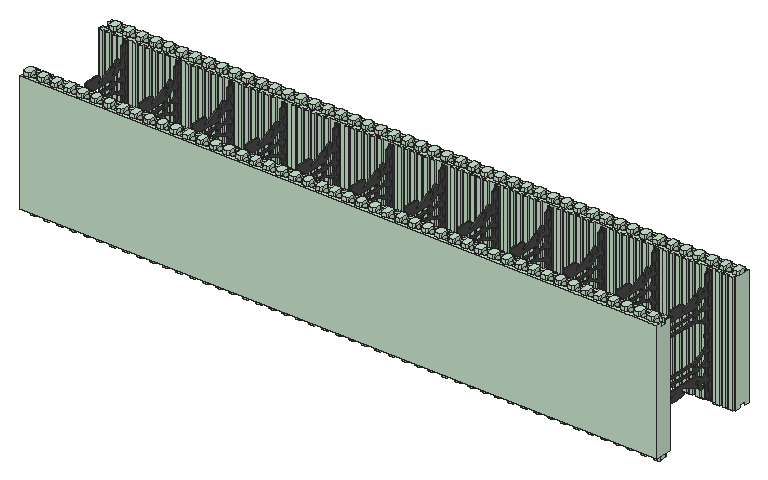
Revit family (continued)
Forms (in)
  Extrusion 100, void
    sketch origin (6, -3, 0) x (-1, 0, 0) y (0, -1, 0)
      loop
        arc (1.91675, 3.76455) -> (1.92106, 3.78736) -> (1.9334, 3.80702) r 0.0625
        arc (1.9334, 3.80702) -> (1.98276, 3.88568) -> (2, 3.97692) r 0.25
        line (2, 3.97692) -> (2, 4.89808)
        arc (2, 4.89808) -> (1.95215, 5.04517) -> (1.82692, 5.13595) r 0.25
        arc (1.82692, 5.13595) -> (1.5, 5.1875) -> (1.17308, 5.13595) r 1.0625
        arc (1.17308, 5.13595) -> (1.04785, 5.04517) -> (1, 4.89808) r 0.25
    from 0 to 0.5
  Extrusion 101, void
    sketch origin (8, -3, 0) x (-1, 0, 0) y (0, -1, 0)
      loop
        line (1, 4.89808) -> (1, 3.97692)
        arc (1, 3.97692) -> (1.04785, 3.82983) -> (1.17308, 3.73905) r 0.25
        arc (1.17308, 3.73905) -> (1.42092, 3.69045) -> (1.67323, 3.70172) r 1.0625
        arc (1.67323, 3.70172) -> (1.72385, 3.68771) -> (1.74592, 3.64005) r 0.0625
        line (1.74592, 3.64005) -> (1.74592, 3.41845) -> (1.91675, 3.41845) -> (1.91675, 3.76455)
        arc (1.91675, 3.76455) -> (1.92106, 3.78736) -> (1.9334, 3.80702) r 0.0625
        arc (1.9334, 3.80702) -> (1.98276, 3.88568) -> (2, 3.97692) r 0.25
        line (2, 3.97692) -> (2, 4.89808)
        arc (2, 4.89808) -> (1.95215, 5.04517) -> (1.82692, 5.13595) r 0.25
        arc (1.82692, 5.13595) -> (1.5, 5.1875) -> (1.17308, 5.13595) r 1.0625
        arc (1.17308, 5.13595) -> (1.04785, 5.04517) -> (1, 4.89808) r 0.25
    from 0 to 0.5
  Extrusion 102, void
    sketch origin (10, -3, 0) x (-1, 0, 0) y (0, -1, 0)
      loop
        line (1, 4.89808) -> (1, 3.97692)
        arc (1, 3.97692) -> (1.04785, 3.82983) -> (1.17308, 3.73905) r 0.25
        arc (1.17308, 3.73905) -> (1.42092, 3.69045) -> (1.67323, 3.70172) r 1.0625
        arc (1.67323, 3.70172) -> (1.72385, 3.68771) -> (1.74592, 3.64005) r 0.0625
        line (1.74592, 3.64005) -> (1.74592, 3.41845) -> (1.91675, 3.41845) -> (1.91675, 3.76455)
        arc (1.91675, 3.76455) -> (1.92106, 3.78736) -> (1.9334, 3.80702) r 0.0625
        arc (1.9334, 3.80702) -> (1.98276, 3.88568) -> (2, 3.97692) r 0.25
        line (2, 3.97692) -> (2, 4.89808)
        arc (2, 4.89808) -> (1.95215, 5.04517) -> (1.82692, 5.13595) r 0.25
        arc (1.82692, 5.13595) -> (1.5, 5.1875) -> (1.17308, 5.13595) r 1.0625
        arc (1.17308, 5.13595) -> (1.04785, 5.04517) -> (1, 4.89808) r 0.25
    from 0 to 0.5
  Extrusion 103, void
    sketch origin (12, -3, 0) x (-1, 0, 0) y (0, -1, 0)
      loop
        line (1, 4.89808) -> (1, 3.97692)
        arc (1, 3.97692) -> (1.04785, 3.82983) -> (1.17308, 3.73905) r 0.25
        arc (1.17308, 3.73905) -> (1.42092, 3.69045) -> (1.67323, 3.70172) r 1.0625
        arc (1.67323, 3.70172) -> (1.72385, 3.68771) -> (1.74592, 3.64005) r 0.0625
        line (1.74592, 3.64005) -> (1.74592, 3.41845) -> (1.91675, 3.41845) -> (1.91675, 3.76455)
        arc (1.91675, 3.76455) -> (1.92106, 3.78736) -> (1.9334, 3.80702) r 0.0625
        arc (1.9334, 3.80702) -> (1.98276, 3.88568) -> (2, 3.97692) r 0.25
        line (2, 3.97692) -> (2, 4.89808)
        arc (2, 4.89808) -> (1.95215, 5.04517) -> (1.82692, 5.13595) r 0.25
        arc (1.82692, 5.13595) -> (1.5, 5.1875) -> (1.17308, 5.13595) r 1.0625
        arc (1.17308, 5.13595) -> (1.04785, 5.04517) -> (1, 4.89808) r 0.25
    from 0 to 0.5
  Extrusion 104, void
    sketch origin (14, -3, 0) x (-1, 0, 0) y (0, -1, 0)
      loop
        line (1, 4.89808) -> (1, 3.97692)
        arc (1, 3.97692) -> (1.04785, 3.82983) -> (1.17308, 3.73905) r 0.25
        arc (1.17308, 3.73905) -> (1.42092, 3.69045) -> (1.67323, 3.70172) r 1.0625
        arc (1.67323, 3.70172) -> (1.72385, 3.68771) -> (1.74592, 3.64005) r 0.0625
        line (1.74592, 3.64005) -> (1.74592, 3.41845) -> (1.91675, 3.41845) -> (1.91675, 3.76455)
        arc (1.91675, 3.76455) -> (1.92106, 3.78736) -> (1.9334, 3.80702) r 0.0625
        arc (1.9334, 3.80702) -> (1.98276, 3.88568) -> (2, 3.97692) r 0.25
        line (2, 3.97692) -> (2, 4.89808)
        arc (2, 4.89808) -> (1.95215, 5.04517) -> (1.82692, 5.13595) r 0.25
        arc (1.82692, 5.13595) -> (1.5, 5.1875) -> (1.17308, 5.13595) r 1.0625
        arc (1.17308, 5.13595) -> (1.04785, 5.04517) -> (1, 4.89808) r 0.25
    from 0 to 0.5
  Extrusion 105, void
    sketch origin (16, -3, 0) x (-1, 0, 0) y (0, -1, 0)
      loop
        line (1, 4.89808) -> (1, 3.97692)
        arc (1, 3.97692) -> (1.04785, 3.82983) -> (1.17308, 3.73905) r 0.25
        arc (1.17308, 3.73905) -> (1.42092, 3.69045) -> (1.67323, 3.70172) r 1.0625
        arc (1.67323, 3.70172) -> (1.72385, 3.68771) -> (1.74592, 3.64005) r 0.0625
        line (1.74592, 3.64005) -> (1.74592, 3.41845) -> (1.91675, 3.41845) -> (1.91675, 3.76455)
        arc (1.91675, 3.76455) -> (1.92106, 3.78736) -> (1.9334, 3.80702) r 0.0625
        arc (1.9334, 3.80702) -> (1.98276, 3.88568) -> (2, 3.97692) r 0.25
        line (2, 3.97692) -> (2, 4.89808)
        arc (2, 4.89808) -> (1.95215, 5.04517) -> (1.82692, 5.13595) r 0.25
        arc (1.82692, 5.13595) -> (1.5, 5.1875) -> (1.17308, 5.13595) r 1.0625
        arc (1.17308, 5.13595) -> (1.04785, 5.04517) -> (1, 4.89808) r 0.25
    from 0 to 0.5
  Extrusion 106, void
    sketch origin (18, -3, 0) x (-1, 0, 0) y (0, -1, 0)
      loop
        line (1, 4.89808) -> (1, 3.97692)
        arc (1, 3.97692) -> (1.04785, 3.82983) -> (1.17308, 3.73905) r 0.25
        arc (1.17308, 3.73905) -> (1.42092, 3.69045) -> (1.67323, 3.70172) r 1.0625
        arc (1.67323, 3.70172) -> (1.72385, 3.68771) -> (1.74592, 3.64005) r 0.0625
        line (1.74592, 3.64005) -> (1.74592, 3.41845) -> (1.91675, 3.41845) -> (1.91675, 3.76455)
        arc (1.91675, 3.76455) -> (1.92106, 3.78736) -> (1.9334, 3.80702) r 0.0625
        arc (1.9334, 3.80702) -> (1.98276, 3.88568) -> (2, 3.97692) r 0.25
        line (2, 3.97692) -> (2, 4.89808)
        arc (2, 4.89808) -> (1.95215, 5.04517) -> (1.82692, 5.13595) r 0.25
        arc (1.82692, 5.13595) -> (1.5, 5.1875) -> (1.17308, 5.13595) r 1.0625
        arc (1.17308, 5.13595) -> (1.04785, 5.04517) -> (1, 4.89808) r 0.25
    from 0 to 0.5
  Extrusion 107, void
    sketch origin (20, -3, 0) x (-1, 0, 0) y (0, -1, 0)
      loop
        line (1, 4.89808) -> (1, 3.97692)
        arc (1, 3.97692) -> (1.04785, 3.82983) -> (1.17308, 3.73905) r 0.25
        arc (1.17308, 3.73905) -> (1.42092, 3.69045) -> (1.67323, 3.70172) r 1.0625
        arc (1.67323, 3.70172) -> (1.72385, 3.68771) -> (1.74592, 3.64005) r 0.0625
        line (1.74592, 3.64005) -> (1.74592, 3.41845) -> (1.91675, 3.41845) -> (1.91675, 3.76455)
        arc (1.91675, 3.76455) -> (1.92106, 3.78736) -> (1.9334, 3.80702) r 0.0625
        arc (1.9334, 3.80702) -> (1.98276, 3.88568) -> (2, 3.97692) r 0.25
        line (2, 3.97692) -> (2, 4.89808)
        arc (2, 4.89808) -> (1.95215, 5.04517) -> (1.82692, 5.13595) r 0.25
        arc (1.82692, 5.13595) -> (1.5, 5.1875) -> (1.17308, 5.13595) r 1.0625
        arc (1.17308, 5.13595) -> (1.04785, 5.04517) -> (1, 4.89808) r 0.25
    from 0 to 0.5
  Extrusion 108, void
    sketch origin (22, -3, 0) x (-1, 0, 0) y (0, -1, 0)
      loop
        line (1, 4.89808) -> (1, 3.97692)
        arc (1, 3.97692) -> (1.04785, 3.82983) -> (1.17308, 3.73905) r 0.25
        arc (1.17308, 3.73905) -> (1.42092, 3.69045) -> (1.67323, 3.70172) r 1.0625
        arc (1.67323, 3.70172) -> (1.72385, 3.68771) -> (1.74592, 3.64005) r 0.0625
        line (1.74592, 3.64005) -> (1.74592, 3.41845) -> (1.91675, 3.41845) -> (1.91675, 3.76455)
        arc (1.91675, 3.76455) -> (1.92106, 3.78736) -> (1.9334, 3.80702) r 0.0625
        arc (1.9334, 3.80702) -> (1.98276, 3.88568) -> (2, 3.97692) r 0.25
        line (2, 3.97692) -> (2, 4.89808)
        arc (2, 4.89808) -> (1.95215, 5.04517) -> (1.82692, 5.13595) r 0.25
        arc (1.82692, 5.13595) -> (1.5, 5.1875) -> (1.17308, 5.13595) r 1.0625
        arc (1.17308, 5.13595) -> (1.04785, 5.04517) -> (1, 4.89808) r 0.25
    from 0 to 0.5
  Extrusion 109, void
    sketch origin (24, -3, 0) x (-1, 0, 0) y (0, -1, 0)
      loop
        line (1, 4.89808) -> (1, 3.97692)
        arc (1, 3.97692) -> (1.04785, 3.82983) -> (1.17308, 3.73905) r 0.25
        arc (1.17308, 3.73905) -> (1.42092, 3.69045) -> (1.67323, 3.70172) r 1.0625
        arc (1.67323, 3.70172) -> (1.72385, 3.68771) -> (1.74592, 3.64005) r 0.0625
        line (1.74592, 3.64005) -> (1.74592, 3.41845) -> (1.91675, 3.41845) -> (1.91675, 3.76455)
        arc (1.91675, 3.76455) -> (1.92106, 3.78736) -> (1.9334, 3.80702) r 0.0625
        arc (1.9334, 3.80702) -> (1.98276, 3.88568) -> (2, 3.97692) r 0.25
        line (2, 3.97692) -> (2, 4.89808)
        arc (2, 4.89808) -> (1.95215, 5.04517) -> (1.82692, 5.13595) r 0.25
        arc (1.82692, 5.13595) -> (1.5, 5.1875) -> (1.17308, 5.13595) r 1.0625
        arc (1.17308, 5.13595) -> (1.04785, 5.04517) -> (1, 4.89808) r 0.25
    from 0 to 0.5
  Extrusion 110, void
    sketch origin (26, -3, 0) x (-1, 0, 0) y (0, -1, 0)
      loop
        line (1, 4.89808) -> (1, 3.97692)
        arc (1, 3.97692) -> (1.04785, 3.82983) -> (1.17308, 3.73905) r 0.25
        arc (1.17308, 3.73905) -> (1.42092, 3.69045) -> (1.67323, 3.70172) r 1.0625
        arc (1.67323, 3.70172) -> (1.72385, 3.68771) -> (1.74592, 3.64005) r 0.0625
        line (1.74592, 3.64005) -> (1.74592, 3.41845) -> (1.91675, 3.41845) -> (1.91675, 3.76455)
        arc (1.91675, 3.76455) -> (1.92106, 3.78736) -> (1.9334, 3.80702) r 0.0625
        arc (1.9334, 3.80702) -> (1.98276, 3.88568) -> (2, 3.97692) r 0.25
        line (2, 3.97692) -> (2, 4.89808)
        arc (2, 4.89808) -> (1.95215, 5.04517) -> (1.82692, 5.13595) r 0.25
        arc (1.82692, 5.13595) -> (1.5, 5.1875) -> (1.17308, 5.13595) r 1.0625
        arc (1.17308, 5.13595) -> (1.04785, 5.04517) -> (1, 4.89808) r 0.25
    from 0 to 0.5
  Extrusion 111, void
    sketch origin (28, -3, 0) x (-1, 0, 0) y (0, -1, 0)
      loop
        line (1, 4.89808) -> (1, 3.97692)
        arc (1, 3.97692) -> (1.04785, 3.82983) -> (1.17308, 3.73905) r 0.25
        arc (1.17308, 3.73905) -> (1.42092, 3.69045) -> (1.67323, 3.70172) r 1.0625
        arc (1.67323, 3.70172) -> (1.72385, 3.68771) -> (1.74592, 3.64005) r 0.0625
        line (1.74592, 3.64005) -> (1.74592, 3.41845) -> (1.91675, 3.41845) -> (1.91675, 3.76455)
        arc (1.91675, 3.76455) -> (1.92106, 3.78736) -> (1.9334, 3.80702) r 0.0625
        arc (1.9334, 3.80702) -> (1.98276, 3.88568) -> (2, 3.97692) r 0.25
        line (2, 3.97692) -> (2, 4.89808)
        arc (2, 4.89808) -> (1.95215, 5.04517) -> (1.82692, 5.13595) r 0.25
        arc (1.82692, 5.13595) -> (1.5, 5.1875) -> (1.17308, 5.13595) r 1.0625
        arc (1.17308, 5.13595) -> (1.04785, 5.04517) -> (1, 4.89808) r 0.25
    from 0 to 0.5
  Extrusion 112, void
    sketch origin (30, -3, 0) x (-1, 0, 0) y (0, -1, 0)
      loop
        line (1, 4.89808) -> (1, 3.97692)
        arc (1, 3.97692) -> (1.04785, 3.82983) -> (1.17308, 3.73905) r 0.25
        arc (1.17308, 3.73905) -> (1.42092, 3.69045) -> (1.67323, 3.70172) r 1.0625
        arc (1.67323, 3.70172) -> (1.72385, 3.68771) -> (1.74592, 3.64005) r 0.0625
        line (1.74592, 3.64005) -> (1.74592, 3.41845) -> (1.91675, 3.41845) -> (1.91675, 3.76455)
        arc (1.91675, 3.76455) -> (1.92106, 3.78736) -> (1.9334, 3.80702) r 0.0625
        arc (1.9334, 3.80702) -> (1.98276, 3.88568) -> (2, 3.97692) r 0.25
        line (2, 3.97692) -> (2, 4.89808)
        arc (2, 4.89808) -> (1.95215, 5.04517) -> (1.82692, 5.13595) r 0.25
        arc (1.82692, 5.13595) -> (1.5, 5.1875) -> (1.17308, 5.13595) r 1.0625
        arc (1.17308, 5.13595) -> (1.04785, 5.04517) -> (1, 4.89808) r 0.25
    from 0 to 0.5
  Extrusion 113, void
    sketch origin (32, -3, 0) x (-1, 0, 0) y (0, -1, 0)
      loop
        line (1, 4.89808) -> (1, 3.97692)
        arc (1, 3.97692) -> (1.04785, 3.82983) -> (1.17308, 3.73905) r 0.25
        arc (1.17308, 3.73905) -> (1.42092, 3.69045) -> (1.67323, 3.70172) r 1.0625
        arc (1.67323, 3.70172) -> (1.72385, 3.68771) -> (1.74592, 3.64005) r 0.0625
        line (1.74592, 3.64005) -> (1.74592, 3.41845) -> (1.91675, 3.41845) -> (1.91675, 3.76455)
        arc (1.91675, 3.76455) -> (1.92106, 3.78736) -> (1.9334, 3.80702) r 0.0625
        arc (1.9334, 3.80702) -> (1.98276, 3.88568) -> (2, 3.97692) r 0.25
        line (2, 3.97692) -> (2, 4.89808)
        arc (2, 4.89808) -> (1.95215, 5.04517) -> (1.82692, 5.13595) r 0.25
        arc (1.82692, 5.13595) -> (1.5, 5.1875) -> (1.17308, 5.13595) r 1.0625
        arc (1.17308, 5.13595) -> (1.04785, 5.04517) -> (1, 4.89808) r 0.25
    from 0 to 0.5
  Extrusion 114, void
    sketch origin (34, -3, 0) x (-1, 0, 0) y (0, -1, 0)
      loop
        line (1, 4.89808) -> (1, 3.97692)
        arc (1, 3.97692) -> (1.04785, 3.82983) -> (1.17308, 3.73905) r 0.25
        arc (1.17308, 3.73905) -> (1.42092, 3.69045) -> (1.67323, 3.70172) r 1.0625
        arc (1.67323, 3.70172) -> (1.72385, 3.68771) -> (1.74592, 3.64005) r 0.0625
        line (1.74592, 3.64005) -> (1.74592, 3.41845) -> (1.91675, 3.41845) -> (1.91675, 3.76455)
        arc (1.91675, 3.76455) -> (1.92106, 3.78736) -> (1.9334, 3.80702) r 0.0625
        arc (1.9334, 3.80702) -> (1.98276, 3.88568) -> (2, 3.97692) r 0.25
        line (2, 3.97692) -> (2, 4.89808)
        arc (2, 4.89808) -> (1.95215, 5.04517) -> (1.82692, 5.13595) r 0.25
        arc (1.82692, 5.13595) -> (1.5, 5.1875) -> (1.17308, 5.13595) r 1.0625
        arc (1.17308, 5.13595) -> (1.04785, 5.04517) -> (1, 4.89808) r 0.25
    from 0 to 0.5
  Extrusion 115, void
    sketch origin (36, -3, 0) x (-1, 0, 0) y (0, -1, 0)
      loop
        line (1, 4.89808) -> (1, 3.97692)
        arc (1, 3.97692) -> (1.04785, 3.82983) -> (1.17308, 3.73905) r 0.25
        arc (1.17308, 3.73905) -> (1.42092, 3.69045) -> (1.67323, 3.70172) r 1.0625
        arc (1.67323, 3.70172) -> (1.72385, 3.68771) -> (1.74592, 3.64005) r 0.0625
        line (1.74592, 3.64005) -> (1.74592, 3.41845) -> (1.91675, 3.41845) -> (1.91675, 3.76455)
        arc (1.91675, 3.76455) -> (1.92106, 3.78736) -> (1.9334, 3.80702) r 0.0625
        arc (1.9334, 3.80702) -> (1.98276, 3.88568) -> (2, 3.97692) r 0.25
        line (2, 3.97692) -> (2, 4.89808)
        arc (2, 4.89808) -> (1.95215, 5.04517) -> (1.82692, 5.13595) r 0.25
        arc (1.82692, 5.13595) -> (1.5, 5.1875) -> (1.17308, 5.13595) r 1.0625
        arc (1.17308, 5.13595) -> (1.04785, 5.04517) -> (1, 4.89808) r 0.25
    from 0 to 0.5
  Extrusion 116, void
    sketch origin (38, -3, 0) x (-1, 0, 0) y (0, -1, 0)
      loop
        line (1, 4.89808) -> (1, 3.97692)
        arc (1, 3.97692) -> (1.04785, 3.82983) -> (1.17308, 3.73905) r 0.25
        arc (1.17308, 3.73905) -> (1.42092, 3.69045) -> (1.67323, 3.70172) r 1.0625
        arc (1.67323, 3.70172) -> (1.72385, 3.68771) -> (1.74592, 3.64005) r 0.0625
        line (1.74592, 3.64005) -> (1.74592, 3.41845) -> (1.91675, 3.41845) -> (1.91675, 3.76455)
        arc (1.91675, 3.76455) -> (1.92106, 3.78736) -> (1.9334, 3.80702) r 0.0625
        arc (1.9334, 3.80702) -> (1.98276, 3.88568) -> (2, 3.97692) r 0.25
        line (2, 3.97692) -> (2, 4.89808)
        arc (2, 4.89808) -> (1.95215, 5.04517) -> (1.82692, 5.13595) r 0.25
        arc (1.82692, 5.13595) -> (1.5, 5.1875) -> (1.17308, 5.13595) r 1.0625
        arc (1.17308, 5.13595) -> (1.04785, 5.04517) -> (1, 4.89808) r 0.25
    from 0 to 0.5
  Extrusion 117, void
    sketch origin (40, -3, 0) x (-1, 0, 0) y (0, -1, 0)
      loop
        line (1, 4.89808) -> (1, 3.97692)
        arc (1, 3.97692) -> (1.04785, 3.82983) -> (1.17308, 3.73905) r 0.25
        arc (1.17308, 3.73905) -> (1.42092, 3.69045) -> (1.67323, 3.70172) r 1.0625
        arc (1.67323, 3.70172) -> (1.72385, 3.68771) -> (1.74592, 3.64005) r 0.0625
        line (1.74592, 3.64005) -> (1.74592, 3.41845) -> (1.91675, 3.41845) -> (1.91675, 3.76455)
        arc (1.91675, 3.76455) -> (1.92106, 3.78736) -> (1.9334, 3.80702) r 0.0625
        arc (1.9334, 3.80702) -> (1.98276, 3.88568) -> (2, 3.97692) r 0.25
        line (2, 3.97692) -> (2, 4.89808)
        arc (2, 4.89808) -> (1.95215, 5.04517) -> (1.82692, 5.13595) r 0.25
        arc (1.82692, 5.13595) -> (1.5, 5.1875) -> (1.17308, 5.13595) r 1.0625
        arc (1.17308, 5.13595) -> (1.04785, 5.04517) -> (1, 4.89808) r 0.25
    from 0 to 0.5
  Extrusion 118, void
    sketch origin (42, -3, 0) x (-1, 0, 0) y (0, -1, 0)
      loop
        line (1, 4.89808) -> (1, 3.97692)
        arc (1, 3.97692) -> (1.04785, 3.82983) -> (1.17308, 3.73905) r 0.25
        arc (1.17308, 3.73905) -> (1.42092, 3.69045) -> (1.67323, 3.70172) r 1.0625
        arc (1.67323, 3.70172) -> (1.72385, 3.68771) -> (1.74592, 3.64005) r 0.0625
        line (1.74592, 3.64005) -> (1.74592, 3.41845) -> (1.91675, 3.41845) -> (1.91675, 3.76455)
        arc (1.91675, 3.76455) -> (1.92106, 3.78736) -> (1.9334, 3.80702) r 0.0625
        arc (1.9334, 3.80702) -> (1.98276, 3.88568) -> (2, 3.97692) r 0.25
        line (2, 3.97692) -> (2, 4.89808)
        arc (2, 4.89808) -> (1.95215, 5.04517) -> (1.82692, 5.13595) r 0.25
        arc (1.82692, 5.13595) -> (1.5, 5.1875) -> (1.17308, 5.13595) r 1.0625
        arc (1.17308, 5.13595) -> (1.04785, 5.04517) -> (1, 4.89808) r 0.25
    from 0 to 0.5
  Extrusion 119, void
    sketch origin (44, -3, 0) x (-1, 0, 0) y (0, -1, 0)
      loop
        line (1, 4.89808) -> (1, 3.97692)
        arc (1, 3.97692) -> (1.04785, 3.82983) -> (1.17308, 3.73905) r 0.25
        arc (1.17308, 3.73905) -> (1.42092, 3.69045) -> (1.67323, 3.70172) r 1.0625
        arc (1.67323, 3.70172) -> (1.72385, 3.68771) -> (1.74592, 3.64005) r 0.0625
        line (1.74592, 3.64005) -> (1.74592, 3.41845) -> (1.91675, 3.41845) -> (1.91675, 3.76455)
        arc (1.91675, 3.76455) -> (1.92106, 3.78736) -> (1.9334, 3.80702) r 0.0625
        arc (1.9334, 3.80702) -> (1.98276, 3.88568) -> (2, 3.97692) r 0.25
        line (2, 3.97692) -> (2, 4.89808)
        arc (2, 4.89808) -> (1.95215, 5.04517) -> (1.82692, 5.13595) r 0.25
        arc (1.82692, 5.13595) -> (1.5, 5.1875) -> (1.17308, 5.13595) r 1.0625
        arc (1.17308, 5.13595) -> (1.04785, 5.04517) -> (1, 4.89808) r 0.25
    from 0 to 0.5
  Extrusion 120, void
    sketch origin (46, -3, 0) x (-1, 0, 0) y (0, -1, 0)
      loop
        line (1, 4.89808) -> (1, 3.97692)
        arc (1, 3.97692) -> (1.04785, 3.82983) -> (1.17308, 3.73905) r 0.25
        arc (1.17308, 3.73905) -> (1.42092, 3.69045) -> (1.67323, 3.70172) r 1.0625
        arc (1.67323, 3.70172) -> (1.72385, 3.68771) -> (1.74592, 3.64005) r 0.0625
        line (1.74592, 3.64005) -> (1.74592, 3.41845) -> (1.91675, 3.41845) -> (1.91675, 3.76455)
        arc (1.91675, 3.76455) -> (1.92106, 3.78736) -> (1.9334, 3.80702) r 0.0625
        arc (1.9334, 3.80702) -> (1.98276, 3.88568) -> (2, 3.97692) r 0.25
        line (2, 3.97692) -> (2, 4.89808)
        arc (2, 4.89808) -> (1.95215, 5.04517) -> (1.82692, 5.13595) r 0.25
        arc (1.82692, 5.13595) -> (1.5, 5.1875) -> (1.17308, 5.13595) r 1.0625
        arc (1.17308, 5.13595) -> (1.04785, 5.04517) -> (1, 4.89808) r 0.25
    from 0 to 0.5
  Extrusion 121, void
    sketch origin (48, -3, 0) x (-1, 0, 0) y (0, -1, 0)
      loop
        line (1, 4.89808) -> (1, 3.97692)
        arc (1, 3.97692) -> (1.04785, 3.82983) -> (1.17308, 3.73905) r 0.25
        arc (1.17308, 3.73905) -> (1.42092, 3.69045) -> (1.67323, 3.70172) r 1.0625
        arc (1.67323, 3.70172) -> (1.72385, 3.68771) -> (1.74592, 3.64005) r 0.0625
        line (1.74592, 3.64005) -> (1.74592, 3.41845) -> (1.91675, 3.41845) -> (1.91675, 3.76455)
        arc (1.91675, 3.76455) -> (1.92106, 3.78736) -> (1.9334, 3.80702) r 0.0625
        arc (1.9334, 3.80702) -> (1.98276, 3.88568) -> (2, 3.97692) r 0.25
        line (2, 3.97692) -> (2, 4.89808)
        arc (2, 4.89808) -> (1.95215, 5.04517) -> (1.82692, 5.13595) r 0.25
        arc (1.82692, 5.13595) -> (1.5, 5.1875) -> (1.17308, 5.13595) r 1.0625
        arc (1.17308, 5.13595) -> (1.04785, 5.04517) -> (1, 4.89808) r 0.25
    from 0 to 0.5
  Extrusion 122, void
    sketch origin (50, -3, 0) x (-1, 0, 0) y (0, -1, 0)
      loop
        line (1, 4.89808) -> (1, 3.97692)
        arc (1, 3.97692) -> (1.04785, 3.82983) -> (1.17308, 3.73905) r 0.25
        arc (1.17308, 3.73905) -> (1.42092, 3.69045) -> (1.67323, 3.70172) r 1.0625
        arc (1.67323, 3.70172) -> (1.72385, 3.68771) -> (1.74592, 3.64005) r 0.0625
        line (1.74592, 3.64005) -> (1.74592, 3.41845) -> (1.91675, 3.41845) -> (1.91675, 3.76455)
        arc (1.91675, 3.76455) -> (1.92106, 3.78736) -> (1.9334, 3.80702) r 0.0625
        arc (1.9334, 3.80702) -> (1.98276, 3.88568) -> (2, 3.97692) r 0.25
        line (2, 3.97692) -> (2, 4.89808)
        arc (2, 4.89808) -> (1.95215, 5.04517) -> (1.82692, 5.13595) r 0.25
        arc (1.82692, 5.13595) -> (1.5, 5.1875) -> (1.17308, 5.13595) r 1.0625
        arc (1.17308, 5.13595) -> (1.04785, 5.04517) -> (1, 4.89808) r 0.25
    from 0 to 0.5
  Extrusion 123, void
    sketch origin (52, -3, 0) x (-1, 0, 0) y (0, -1, 0)
      loop
        line (1, 4.89808) -> (1, 3.97692)
        arc (1, 3.97692) -> (1.04785, 3.82983) -> (1.17308, 3.73905) r 0.25
        arc (1.17308, 3.73905) -> (1.42092, 3.69045) -> (1.67323, 3.70172) r 1.0625
        arc (1.67323, 3.70172) -> (1.72385, 3.68771) -> (1.74592, 3.64005) r 0.0625
        line (1.74592, 3.64005) -> (1.74592, 3.41845) -> (1.91675, 3.41845) -> (1.91675, 3.76455)
        arc (1.91675, 3.76455) -> (1.92106, 3.78736) -> (1.9334, 3.80702) r 0.0625
        arc (1.9334, 3.80702) -> (1.98276, 3.88568) -> (2, 3.97692) r 0.25
        line (2, 3.97692) -> (2, 4.89808)
        arc (2, 4.89808) -> (1.95215, 5.04517) -> (1.82692, 5.13595) r 0.25
        arc (1.82692, 5.13595) -> (1.5, 5.1875) -> (1.17308, 5.13595) r 1.0625
        arc (1.17308, 5.13595) -> (1.04785, 5.04517) -> (1, 4.89808) r 0.25
    from 0 to 0.5
  Extrusion 124, void
    sketch origin (54, -3, 0) x (-1, 0, 0) y (0, -1, 0)
      loop
        line (1, 4.89808) -> (1, 3.97692)
        arc (1, 3.97692) -> (1.04785, 3.82983) -> (1.17308, 3.73905) r 0.25
        arc (1.17308, 3.73905) -> (1.42092, 3.69045) -> (1.67323, 3.70172) r 1.0625
        arc (1.67323, 3.70172) -> (1.72385, 3.68771) -> (1.74592, 3.64005) r 0.0625
        line (1.74592, 3.64005) -> (1.74592, 3.41845) -> (1.91675, 3.41845) -> (1.91675, 3.76455)
        arc (1.91675, 3.76455) -> (1.92106, 3.78736) -> (1.9334, 3.80702) r 0.0625
        arc (1.9334, 3.80702) -> (1.98276, 3.88568) -> (2, 3.97692) r 0.25
        line (2, 3.97692) -> (2, 4.89808)
        arc (2, 4.89808) -> (1.95215, 5.04517) -> (1.82692, 5.13595) r 0.25
        arc (1.82692, 5.13595) -> (1.5, 5.1875) -> (1.17308, 5.13595) r 1.0625
        arc (1.17308, 5.13595) -> (1.04785, 5.04517) -> (1, 4.89808) r 0.25
    from 0 to 0.5
  Extrusion 125, void
    sketch origin (56, -3, 0) x (-1, 0, 0) y (0, -1, 0)
      loop
        line (1, 4.89808) -> (1, 3.97692)
        arc (1, 3.97692) -> (1.04785, 3.82983) -> (1.17308, 3.73905) r 0.25
        arc (1.17308, 3.73905) -> (1.42092, 3.69045) -> (1.67323, 3.70172) r 1.0625
        arc (1.67323, 3.70172) -> (1.72385, 3.68771) -> (1.74592, 3.64005) r 0.0625
        line (1.74592, 3.64005) -> (1.74592, 3.41845) -> (1.91675, 3.41845) -> (1.91675, 3.76455)
        arc (1.91675, 3.76455) -> (1.92106, 3.78736) -> (1.9334, 3.80702) r 0.0625
        arc (1.9334, 3.80702) -> (1.98276, 3.88568) -> (2, 3.97692) r 0.25
        line (2, 3.97692) -> (2, 4.89808)
        arc (2, 4.89808) -> (1.95215, 5.04517) -> (1.82692, 5.13595) r 0.25
        arc (1.82692, 5.13595) -> (1.5, 5.1875) -> (1.17308, 5.13595) r 1.0625
        arc (1.17308, 5.13595) -> (1.04785, 5.04517) -> (1, 4.89808) r 0.25
    from 0 to 0.5
  Extrusion 126, void
    sketch origin (58, -3, 0) x (-1, 0, 0) y (0, -1, 0)
      loop
        line (1, 4.89808) -> (1, 3.97692)
        arc (1, 3.97692) -> (1.04785, 3.82983) -> (1.17308, 3.73905) r 0.25
        arc (1.17308, 3.73905) -> (1.42092, 3.69045) -> (1.67323, 3.70172) r 1.0625
        arc (1.67323, 3.70172) -> (1.72385, 3.68771) -> (1.74592, 3.64005) r 0.0625
        line (1.74592, 3.64005) -> (1.74592, 3.41845) -> (1.91675, 3.41845) -> (1.91675, 3.76455)
        arc (1.91675, 3.76455) -> (1.92106, 3.78736) -> (1.9334, 3.80702) r 0.0625
        arc (1.9334, 3.80702) -> (1.98276, 3.88568) -> (2, 3.97692) r 0.25
        line (2, 3.97692) -> (2, 4.89808)
        arc (2, 4.89808) -> (1.95215, 5.04517) -> (1.82692, 5.13595) r 0.25
        arc (1.82692, 5.13595) -> (1.5, 5.1875) -> (1.17308, 5.13595) r 1.0625
        arc (1.17308, 5.13595) -> (1.04785, 5.04517) -> (1, 4.89808) r 0.25
    from 0 to 0.5
  Extrusion 127, void
    sketch origin (60, -3, 0) x (-1, 0, 0) y (0, -1, 0)
      loop
        line (1, 4.89808) -> (1, 3.97692)
        arc (1, 3.97692) -> (1.04785, 3.82983) -> (1.17308, 3.73905) r 0.25
        arc (1.17308, 3.73905) -> (1.42092, 3.69045) -> (1.67323, 3.70172) r 1.0625
        arc (1.67323, 3.70172) -> (1.72385, 3.68771) -> (1.74592, 3.64005) r 0.0625
        line (1.74592, 3.64005) -> (1.74592, 3.41845) -> (1.91675, 3.41845) -> (1.91675, 3.76455)
        arc (1.91675, 3.76455) -> (1.92106, 3.78736) -> (1.9334, 3.80702) r 0.0625
        arc (1.9334, 3.80702) -> (1.98276, 3.88568) -> (2, 3.97692) r 0.25
        line (2, 3.97692) -> (2, 4.89808)
        arc (2, 4.89808) -> (1.95215, 5.04517) -> (1.82692, 5.13595) r 0.25
        arc (1.82692, 5.13595) -> (1.5, 5.1875) -> (1.17308, 5.13595) r 1.0625
        arc (1.17308, 5.13595) -> (1.04785, 5.04517) -> (1, 4.89808) r 0.25
    from 0 to 0.5
  Extrusion 128, void
    sketch origin (62, -3, 0) x (-1, 0, 0) y (0, -1, 0)
      loop
        line (1, 4.89808) -> (1, 3.97692)
        arc (1, 3.97692) -> (1.04785, 3.82983) -> (1.17308, 3.73905) r 0.25
        arc (1.17308, 3.73905) -> (1.42092, 3.69045) -> (1.67323, 3.70172) r 1.0625
        arc (1.67323, 3.70172) -> (1.72385, 3.68771) -> (1.74592, 3.64005) r 0.0625
        line (1.74592, 3.64005) -> (1.74592, 3.41845) -> (1.91675, 3.41845) -> (1.91675, 3.76455)
        arc (1.91675, 3.76455) -> (1.92106, 3.78736) -> (1.9334, 3.80702) r 0.0625
        arc (1.9334, 3.80702) -> (1.98276, 3.88568) -> (2, 3.97692) r 0.25
        line (2, 3.97692) -> (2, 4.89808)
        arc (2, 4.89808) -> (1.95215, 5.04517) -> (1.82692, 5.13595) r 0.25
        arc (1.82692, 5.13595) -> (1.5, 5.1875) -> (1.17308, 5.13595) r 1.0625
        arc (1.17308, 5.13595) -> (1.04785, 5.04517) -> (1, 4.89808) r 0.25
    from 0 to 0.5
  Extrusion 129, void
    sketch origin (64, -3, 0) x (-1, 0, 0) y (0, -1, 0)
      loop
        line (1, 4.89808) -> (1, 3.97692)
        arc (1, 3.97692) -> (1.04785, 3.82983) -> (1.17308, 3.73905) r 0.25
        arc (1.17308, 3.73905) -> (1.42092, 3.69045) -> (1.67323, 3.70172) r 1.0625
        arc (1.67323, 3.70172) -> (1.72385, 3.68771) -> (1.74592, 3.64005) r 0.0625
        line (1.74592, 3.64005) -> (1.74592, 3.41845) -> (1.91675, 3.41845) -> (1.91675, 3.76455)
        arc (1.91675, 3.76455) -> (1.92106, 3.78736) -> (1.9334, 3.80702) r 0.0625
        arc (1.9334, 3.80702) -> (1.98276, 3.88568) -> (2, 3.97692) r 0.25
        line (2, 3.97692) -> (2, 4.89808)
        arc (2, 4.89808) -> (1.95215, 5.04517) -> (1.82692, 5.13595) r 0.25
        arc (1.82692, 5.13595) -> (1.5, 5.1875) -> (1.17308, 5.13595) r 1.0625
        arc (1.17308, 5.13595) -> (1.04785, 5.04517) -> (1, 4.89808) r 0.25
    from 0 to 0.5
  Extrusion 130, void
    sketch origin (66, -3, 0) x (-1, 0, 0) y (0, -1, 0)
      loop
        line (1, 4.89808) -> (1, 3.97692)
        arc (1, 3.97692) -> (1.04785, 3.82983) -> (1.17308, 3.73905) r 0.25
        arc (1.17308, 3.73905) -> (1.42092, 3.69045) -> (1.67323, 3.70172) r 1.0625
        arc (1.67323, 3.70172) -> (1.72385, 3.68771) -> (1.74592, 3.64005) r 0.0625
        line (1.74592, 3.64005) -> (1.74592, 3.41845) -> (1.91675, 3.41845) -> (1.91675, 3.76455)
        arc (1.91675, 3.76455) -> (1.92106, 3.78736) -> (1.9334, 3.80702) r 0.0625
        arc (1.9334, 3.80702) -> (1.98276, 3.88568) -> (2, 3.97692) r 0.25
        line (2, 3.97692) -> (2, 4.89808)
        arc (2, 4.89808) -> (1.95215, 5.04517) -> (1.82692, 5.13595) r 0.25
        arc (1.82692, 5.13595) -> (1.5, 5.1875) -> (1.17308, 5.13595) r 1.0625
        arc (1.17308, 5.13595) -> (1.04785, 5.04517) -> (1, 4.89808) r 0.25
    from 0 to 0.5
  Extrusion 131, void
    sketch origin (68, -3, 0) x (-1, 0, 0) y (0, -1, 0)
      loop
        line (1, 4.89808) -> (1, 3.97692)
        arc (1, 3.97692) -> (1.04785, 3.82983) -> (1.17308, 3.73905) r 0.25
        arc (1.17308, 3.73905) -> (1.42092, 3.69045) -> (1.67323, 3.70172) r 1.0625
        arc (1.67323, 3.70172) -> (1.72385, 3.68771) -> (1.74592, 3.64005) r 0.0625
        line (1.74592, 3.64005) -> (1.74592, 3.41845) -> (1.91675, 3.41845) -> (1.91675, 3.76455)
        arc (1.91675, 3.76455) -> (1.92106, 3.78736) -> (1.9334, 3.80702) r 0.0625
        arc (1.9334, 3.80702) -> (1.98276, 3.88568) -> (2, 3.97692) r 0.25
        line (2, 3.97692) -> (2, 4.89808)
        arc (2, 4.89808) -> (1.95215, 5.04517) -> (1.82692, 5.13595) r 0.25
        arc (1.82692, 5.13595) -> (1.5, 5.1875) -> (1.17308, 5.13595) r 1.0625
        arc (1.17308, 5.13595) -> (1.04785, 5.04517) -> (1, 4.89808) r 0.25
    from 0 to 0.5
  Extrusion 132, void
    sketch origin (70, -3, 0) x (-1, 0, 0) y (0, -1, 0)
      loop
        line (1, 4.89808) -> (1, 3.97692)
        arc (1, 3.97692) -> (1.04785, 3.82983) -> (1.17308, 3.73905) r 0.25
        arc (1.17308, 3.73905) -> (1.42092, 3.69045) -> (1.67323, 3.70172) r 1.0625
        arc (1.67323, 3.70172) -> (1.72385, 3.68771) -> (1.74592, 3.64005) r 0.0625
        line (1.74592, 3.64005) -> (1.74592, 3.41845) -> (1.91675, 3.41845) -> (1.91675, 3.76455)
        arc (1.91675, 3.76455) -> (1.92106, 3.78736) -> (1.9334, 3.80702) r 0.0625
        arc (1.9334, 3.80702) -> (1.98276, 3.88568) -> (2, 3.97692) r 0.25
        line (2, 3.97692) -> (2, 4.89808)
        arc (2, 4.89808) -> (1.95215, 5.04517) -> (1.82692, 5.13595) r 0.25
        arc (1.82692, 5.13595) -> (1.5, 5.1875) -> (1.17308, 5.13595) r 1.0625
        arc (1.17308, 5.13595) -> (1.04785, 5.04517) -> (1, 4.89808) r 0.25
    from 0 to 0.5
  Extrusion 133, void
    sketch origin (72, -3, 0) x (-1, 0, 0) y (0, -1, 0)
      loop
        line (1, 4.89808) -> (1, 3.97692)
        arc (1, 3.97692) -> (1.04785, 3.82983) -> (1.17308, 3.73905) r 0.25
        arc (1.17308, 3.73905) -> (1.42092, 3.69045) -> (1.67323, 3.70172) r 1.0625
        arc (1.67323, 3.70172) -> (1.72385, 3.68771) -> (1.74592, 3.64005) r 0.0625
        line (1.74592, 3.64005) -> (1.74592, 3.41845) -> (1.91675, 3.41845) -> (1.91675, 3.76455)
        arc (1.91675, 3.76455) -> (1.92106, 3.78736) -> (1.9334, 3.80702) r 0.0625
        arc (1.9334, 3.80702) -> (1.98276, 3.88568) -> (2, 3.97692) r 0.25
        line (2, 3.97692) -> (2, 4.89808)
        arc (2, 4.89808) -> (1.95215, 5.04517) -> (1.82692, 5.13595) r 0.25
        arc (1.82692, 5.13595) -> (1.5, 5.1875) -> (1.17308, 5.13595) r 1.0625
        arc (1.17308, 5.13595) -> (1.04785, 5.04517) -> (1, 4.89808) r 0.25
    from 0 to 0.5
  Extrusion 134, void
    sketch origin (74, -3, 0) x (-1, 0, 0) y (0, -1, 0)
      loop
        line (1, 4.89808) -> (1, 3.97692)
        arc (1, 3.97692) -> (1.04785, 3.82983) -> (1.17308, 3.73905) r 0.25
        arc (1.17308, 3.73905) -> (1.42092, 3.69045) -> (1.67323, 3.70172) r 1.0625
        arc (1.67323, 3.70172) -> (1.72385, 3.68771) -> (1.74592, 3.64005) r 0.0625
        line (1.74592, 3.64005) -> (1.74592, 3.41845) -> (1.91675, 3.41845) -> (1.91675, 3.76455)
        arc (1.91675, 3.76455) -> (1.92106, 3.78736) -> (1.9334, 3.80702) r 0.0625
        arc (1.9334, 3.80702) -> (1.98276, 3.88568) -> (2, 3.97692) r 0.25
        line (2, 3.97692) -> (2, 4.89808)
        arc (2, 4.89808) -> (1.95215, 5.04517) -> (1.82692, 5.13595) r 0.25
        arc (1.82692, 5.13595) -> (1.5, 5.1875) -> (1.17308, 5.13595) r 1.0625
        arc (1.17308, 5.13595) -> (1.04785, 5.04517) -> (1, 4.89808) r 0.25
    from 0 to 0.5
  Extrusion 135, void
    sketch origin (76, -3, 0) x (-1, 0, 0) y (0, -1, 0)
      loop
        line (1, 4.89808) -> (1, 3.97692)
        arc (1, 3.97692) -> (1.04785, 3.82983) -> (1.17308, 3.73905) r 0.25
        arc (1.17308, 3.73905) -> (1.42092, 3.69045) -> (1.67323, 3.70172) r 1.0625
        arc (1.67323, 3.70172) -> (1.72385, 3.68771) -> (1.74592, 3.64005) r 0.0625
        line (1.74592, 3.64005) -> (1.74592, 3.41845) -> (1.91675, 3.41845) -> (1.91675, 3.76455)
        arc (1.91675, 3.76455) -> (1.92106, 3.78736) -> (1.9334, 3.80702) r 0.0625
        arc (1.9334, 3.80702) -> (1.98276, 3.88568) -> (2, 3.97692) r 0.25
        line (2, 3.97692) -> (2, 4.89808)
        arc (2, 4.89808) -> (1.95215, 5.04517) -> (1.82692, 5.13595) r 0.25
        arc (1.82692, 5.13595) -> (1.5, 5.1875) -> (1.17308, 5.13595) r 1.0625
        arc (1.17308, 5.13595) -> (1.04785, 5.04517) -> (1, 4.89808) r 0.25
    from 0 to 0.5
  Extrusion 136, void
    sketch origin (78, -3, 0) x (-1, 0, 0) y (0, -1, 0)
      loop
        line (1, 4.89808) -> (1, 3.97692)
        arc (1, 3.97692) -> (1.04785, 3.82983) -> (1.17308, 3.73905) r 0.25
        arc (1.17308, 3.73905) -> (1.42092, 3.69045) -> (1.67323, 3.70172) r 1.0625
        arc (1.67323, 3.70172) -> (1.72385, 3.68771) -> (1.74592, 3.64005) r 0.0625
        line (1.74592, 3.64005) -> (1.74592, 3.41845) -> (1.91675, 3.41845) -> (1.91675, 3.76455)
        arc (1.91675, 3.76455) -> (1.92106, 3.78736) -> (1.9334, 3.80702) r 0.0625
        arc (1.9334, 3.80702) -> (1.98276, 3.88568) -> (2, 3.97692) r 0.25
        line (2, 3.97692) -> (2, 4.89808)
        arc (2, 4.89808) -> (1.95215, 5.04517) -> (1.82692, 5.13595) r 0.25
        arc (1.82692, 5.13595) -> (1.5, 5.1875) -> (1.17308, 5.13595) r 1.0625
        arc (1.17308, 5.13595) -> (1.04785, 5.04517) -> (1, 4.89808) r 0.25
    from 0 to 0.5
  Extrusion 137, void
    sketch origin (80, -3, 0) x (-1, 0, 0) y (0, -1, 0)
      loop
        line (1, 4.89808) -> (1, 3.97692)
        arc (1, 3.97692) -> (1.04785, 3.82983) -> (1.17308, 3.73905) r 0.25
        arc (1.17308, 3.73905) -> (1.42092, 3.69045) -> (1.67323, 3.70172) r 1.0625
        arc (1.67323, 3.70172) -> (1.72385, 3.68771) -> (1.74592, 3.64005) r 0.0625
        line (1.74592, 3.64005) -> (1.74592, 3.41845) -> (1.91675, 3.41845) -> (1.91675, 3.76455)
        arc (1.91675, 3.76455) -> (1.92106, 3.78736) -> (1.9334, 3.80702) r 0.0625
        arc (1.9334, 3.80702) -> (1.98276, 3.88568) -> (2, 3.97692) r 0.25
        line (2, 3.97692) -> (2, 4.89808)
        arc (2, 4.89808) -> (1.95215, 5.04517) -> (1.82692, 5.13595) r 0.25
        arc (1.82692, 5.13595) -> (1.5, 5.1875) -> (1.17308, 5.13595) r 1.0625
        arc (1.17308, 5.13595) -> (1.04785, 5.04517) -> (1, 4.89808) r 0.25
    from 0 to 0.5
  Extrusion 138, void
    sketch origin (82, -3, 0) x (-1, 0, 0) y (0, -1, 0)
      loop
        line (1, 4.89808) -> (1, 3.97692)
        arc (1, 3.97692) -> (1.04785, 3.82983) -> (1.17308, 3.73905) r 0.25
        arc (1.17308, 3.73905) -> (1.42092, 3.69045) -> (1.67323, 3.70172) r 1.0625
        arc (1.67323, 3.70172) -> (1.72385, 3.68771) -> (1.74592, 3.64005) r 0.0625
        line (1.74592, 3.64005) -> (1.74592, 3.41845) -> (1.91675, 3.41845) -> (1.91675, 3.76455)
        arc (1.91675, 3.76455) -> (1.92106, 3.78736) -> (1.9334, 3.80702) r 0.0625
        arc (1.9334, 3.80702) -> (1.98276, 3.88568) -> (2, 3.97692) r 0.25
        line (2, 3.97692) -> (2, 4.89808)
        arc (2, 4.89808) -> (1.95215, 5.04517) -> (1.82692, 5.13595) r 0.25
        arc (1.82692, 5.13595) -> (1.5, 5.1875) -> (1.17308, 5.13595) r 1.0625
        arc (1.17308, 5.13595) -> (1.04785, 5.04517) -> (1, 4.89808) r 0.25
    from 0 to 0.5
  Extrusion 139, void
    sketch origin (84, -3, 0) x (-1, 0, 0) y (0, -1, 0)
      loop
        line (1, 4.89808) -> (1, 3.97692)
        arc (1, 3.97692) -> (1.04785, 3.82983) -> (1.17308, 3.73905) r 0.25
        arc (1.17308, 3.73905) -> (1.42092, 3.69045) -> (1.67323, 3.70172) r 1.0625
        arc (1.67323, 3.70172) -> (1.72385, 3.68771) -> (1.74592, 3.64005) r 0.0625
        line (1.74592, 3.64005) -> (1.74592, 3.41845) -> (1.91675, 3.41845) -> (1.91675, 3.76455)
        arc (1.91675, 3.76455) -> (1.92106, 3.78736) -> (1.9334, 3.80702) r 0.0625
        arc (1.9334, 3.80702) -> (1.98276, 3.88568) -> (2, 3.97692) r 0.25
        line (2, 3.97692) -> (2, 4.89808)
        arc (2, 4.89808) -> (1.95215, 5.04517) -> (1.82692, 5.13595) r 0.25
        arc (1.82692, 5.13595) -> (1.5, 5.1875) -> (1.17308, 5.13595) r 1.0625
        arc (1.17308, 5.13595) -> (1.04785, 5.04517) -> (1, 4.89808) r 0.25
    from 0 to 0.5
  Extrusion 140, void
    sketch origin (86, -3, 0) x (-1, 0, 0) y (0, -1, 0)
      loop
        line (1, 4.89808) -> (1, 3.97692)
        arc (1, 3.97692) -> (1.04785, 3.82983) -> (1.17308, 3.73905) r 0.25
        arc (1.17308, 3.73905) -> (1.42092, 3.69045) -> (1.67323, 3.70172) r 1.0625
        arc (1.67323, 3.70172) -> (1.72385, 3.68771) -> (1.74592, 3.64005) r 0.0625
        line (1.74592, 3.64005) -> (1.74592, 3.41845) -> (1.91675, 3.41845) -> (1.91675, 3.76455)
        arc (1.91675, 3.76455) -> (1.92106, 3.78736) -> (1.9334, 3.80702) r 0.0625
        arc (1.9334, 3.80702) -> (1.98276, 3.88568) -> (2, 3.97692) r 0.25
        line (2, 3.97692) -> (2, 4.89808)
        arc (2, 4.89808) -> (1.95215, 5.04517) -> (1.82692, 5.13595) r 0.25
        arc (1.82692, 5.13595) -> (1.5, 5.1875) -> (1.17308, 5.13595) r 1.0625
        arc (1.17308, 5.13595) -> (1.04785, 5.04517) -> (1, 4.89808) r 0.25
    from 0 to 0.5
  Extrusion 141, void
    sketch origin (88, -3, 0) x (-1, 0, 0) y (0, -1, 0)
      loop
        line (1, 4.89808) -> (1, 3.97692)
        arc (1, 3.97692) -> (1.04785, 3.82983) -> (1.17308, 3.73905) r 0.25
        arc (1.17308, 3.73905) -> (1.42092, 3.69045) -> (1.67323, 3.70172) r 1.0625
        arc (1.67323, 3.70172) -> (1.72385, 3.68771) -> (1.74592, 3.64005) r 0.0625
        line (1.74592, 3.64005) -> (1.74592, 3.41845) -> (1.91675, 3.41845) -> (1.91675, 3.76455)
        arc (1.91675, 3.76455) -> (1.92106, 3.78736) -> (1.9334, 3.80702) r 0.0625
        arc (1.9334, 3.80702) -> (1.98276, 3.88568) -> (2, 3.97692) r 0.25
        line (2, 3.97692) -> (2, 4.89808)
        arc (2, 4.89808) -> (1.95215, 5.04517) -> (1.82692, 5.13595) r 0.25
        arc (1.82692, 5.13595) -> (1.5, 5.1875) -> (1.17308, 5.13595) r 1.0625
        arc (1.17308, 5.13595) -> (1.04785, 5.04517) -> (1, 4.89808) r 0.25
    from 0 to 0.5
  Extrusion 142, void
    sketch origin (90, -3, 0) x (-1, 0, 0) y (0, -1, 0)
      loop
        line (1, 4.89808) -> (1, 3.97692)
        arc (1, 3.97692) -> (1.04785, 3.82983) -> (1.17308, 3.73905) r 0.25
        arc (1.17308, 3.73905) -> (1.42092, 3.69045) -> (1.67323, 3.70172) r 1.0625
        arc (1.67323, 3.70172) -> (1.72385, 3.68771) -> (1.74592, 3.64005) r 0.0625
        line (1.74592, 3.64005) -> (1.74592, 3.41845) -> (1.91675, 3.41845) -> (1.91675, 3.76455)
        arc (1.91675, 3.76455) -> (1.92106, 3.78736) -> (1.9334, 3.80702) r 0.0625
        arc (1.9334, 3.80702) -> (1.98276, 3.88568) -> (2, 3.97692) r 0.25
        line (2, 3.97692) -> (2, 4.89808)
        arc (2, 4.89808) -> (1.95215, 5.04517) -> (1.82692, 5.13595) r 0.25
        arc (1.82692, 5.13595) -> (1.5, 5.1875) -> (1.17308, 5.13595) r 1.0625
        arc (1.17308, 5.13595) -> (1.04785, 5.04517) -> (1, 4.89808) r 0.25
    from 0 to 0.5
  Extrusion 143, void
    sketch origin (92, -3, 0) x (-1, 0, 0) y (0, -1, 0)
      loop
        line (1, 4.89808) -> (1, 3.97692)
        arc (1, 3.97692) -> (1.04785, 3.82983) -> (1.17308, 3.73905) r 0.25
        arc (1.17308, 3.73905) -> (1.42092, 3.69045) -> (1.67323, 3.70172) r 1.0625
        arc (1.67323, 3.70172) -> (1.72385, 3.68771) -> (1.74592, 3.64005) r 0.0625
        line (1.74592, 3.64005) -> (1.74592, 3.41845) -> (1.91675, 3.41845) -> (1.91675, 3.76455)
        arc (1.91675, 3.76455) -> (1.92106, 3.78736) -> (1.9334, 3.80702) r 0.0625
        arc (1.9334, 3.80702) -> (1.98276, 3.88568) -> (2, 3.97692) r 0.25
        line (2, 3.97692) -> (2, 4.89808)
        arc (2, 4.89808) -> (1.95215, 5.04517) -> (1.82692, 5.13595) r 0.25
        arc (1.82692, 5.13595) -> (1.5, 5.1875) -> (1.17308, 5.13595) r 1.0625
        arc (1.17308, 5.13595) -> (1.04785, 5.04517) -> (1, 4.89808) r 0.25
    from 0 to 0.5
  Extrusion 144, void
    sketch origin (94, -3, 0) x (-1, 0, 0) y (0, -1, 0)
      loop
        line (1, 4.89808) -> (1, 3.97692)
        arc (1, 3.97692) -> (1.04785, 3.82983) -> (1.17308, 3.73905) r 0.25
        arc (1.17308, 3.73905) -> (1.42092, 3.69045) -> (1.67323, 3.70172) r 1.0625
        arc (1.67323, 3.70172) -> (1.72385, 3.68771) -> (1.74592, 3.64005) r 0.0625
        line (1.74592, 3.64005) -> (1.74592, 3.41845) -> (1.91675, 3.41845) -> (1.91675, 3.76455)
        arc (1.91675, 3.76455) -> (1.92106, 3.78736) -> (1.9334, 3.80702) r 0.0625
        arc (1.9334, 3.80702) -> (1.98276, 3.88568) -> (2, 3.97692) r 0.25
        line (2, 3.97692) -> (2, 4.89808)
        arc (2, 4.89808) -> (1.95215, 5.04517) -> (1.82692, 5.13595) r 0.25
        arc (1.82692, 5.13595) -> (1.5, 5.1875) -> (1.17308, 5.13595) r 1.0625
        arc (1.17308, 5.13595) -> (1.04785, 5.04517) -> (1, 4.89808) r 0.25
    from 0 to 0.5
  Extrusion 145, void
    sketch origin (96, -3, 0) x (-1, 0, 0) y (0, -1, 0)
      loop
        line (1, 4.89808) -> (1, 3.97692)
        arc (1, 3.97692) -> (1.04785, 3.82983) -> (1.17308, 3.73905) r 0.25
        arc (1.17308, 3.73905) -> (1.42092, 3.69045) -> (1.67323, 3.70172) r 1.0625
        arc (1.67323, 3.70172) -> (1.72385, 3.68771) -> (1.74592, 3.64005) r 0.0625
        line (1.74592, 3.64005) -> (1.74592, 3.41845) -> (1.91675, 3.41845) -> (1.91675, 3.76455)
        arc (1.91675, 3.76455) -> (1.92106, 3.78736) -> (1.9334, 3.80702) r 0.0625
        arc (1.9334, 3.80702) -> (1.98276, 3.88568) -> (2, 3.97692) r 0.25
        line (2, 3.97692) -> (2, 4.89808)
        arc (2, 4.89808) -> (1.95215, 5.04517) -> (1.82692, 5.13595) r 0.25
        arc (1.82692, 5.13595) -> (1.5, 5.1875) -> (1.17308, 5.13595) r 1.0625
        arc (1.17308, 5.13595) -> (1.04785, 5.04517) -> (1, 4.89808) r 0.25
    from 0 to 0.5
  Extrusion 146, void
    sketch origin (94, 3, 0) x (1, 0, 0) y (0, 1, 0)
      loop
        line (1, 4.89808) -> (1, 3.97692)
        arc (1, 3.97692) -> (1.04785, 3.82983) -> (1.17308, 3.73905) r 0.25
        arc (1.17308, 3.73905) -> (1.42092, 3.69045) -> (1.67323, 3.70172) r 1.0625
        arc (1.67323, 3.70172) -> (1.72385, 3.68771) -> (1.74592, 3.64005) r 0.0625
        line (1.74592, 3.64005) -> (1.74592, 3.41845) -> (1.91675, 3.41845) -> (1.91675, 3.76455)
        arc (1.91675, 3.76455) -> (1.92106, 3.78736) -> (1.9334, 3.80702) r 0.0625
        arc (1.9334, 3.80702) -> (1.98276, 3.88568) -> (2, 3.97692) r 0.25
        line (2, 3.97692) -> (2, 4.89808)
        arc (2, 4.89808) -> (1.95215, 5.04517) -> (1.82692, 5.13595) r 0.25
        arc (1.82692, 5.13595) -> (1.5, 5.1875) -> (1.17308, 5.13595) r 1.0625
        arc (1.17308, 5.13595) -> (1.04785, 5.04517) -> (1, 4.89808) r 0.25
    from 0 to 0.5
  Extrusion 147, void
    sketch origin (92, 3, 0) x (1, 0, 0) y (0, 1, 0)
      loop
        line (1, 4.89808) -> (1, 3.97692)
        arc (1, 3.97692) -> (1.04785, 3.82983) -> (1.17308, 3.73905) r 0.25
        arc (1.17308, 3.73905) -> (1.42092, 3.69045) -> (1.67323, 3.70172) r 1.0625
        arc (1.67323, 3.70172) -> (1.72385, 3.68771) -> (1.74592, 3.64005) r 0.0625
        line (1.74592, 3.64005) -> (1.74592, 3.41845) -> (1.91675, 3.41845) -> (1.91675, 3.76455)
        arc (1.91675, 3.76455) -> (1.92106, 3.78736) -> (1.9334, 3.80702) r 0.0625
        arc (1.9334, 3.80702) -> (1.98276, 3.88568) -> (2, 3.97692) r 0.25
        line (2, 3.97692) -> (2, 4.89808)
        arc (2, 4.89808) -> (1.95215, 5.04517) -> (1.82692, 5.13595) r 0.25
        arc (1.82692, 5.13595) -> (1.5, 5.1875) -> (1.17308, 5.13595) r 1.0625
        arc (1.17308, 5.13595) -> (1.04785, 5.04517) -> (1, 4.89808) r 0.25
    from 0 to 0.5
  Extrusion 148, void
    sketch origin (90, 3, 0) x (1, 0, 0) y (0, 1, 0)
      loop
        line (1, 4.89808) -> (1, 3.97692)
        arc (1, 3.97692) -> (1.04785, 3.82983) -> (1.17308, 3.73905) r 0.25
        arc (1.17308, 3.73905) -> (1.42092, 3.69045) -> (1.67323, 3.70172) r 1.0625
        arc (1.67323, 3.70172) -> (1.72385, 3.68771) -> (1.74592, 3.64005) r 0.0625
        line (1.74592, 3.64005) -> (1.74592, 3.41845) -> (1.91675, 3.41845) -> (1.91675, 3.76455)
        arc (1.91675, 3.76455) -> (1.92106, 3.78736) -> (1.9334, 3.80702) r 0.0625
        arc (1.9334, 3.80702) -> (1.98276, 3.88568) -> (2, 3.97692) r 0.25
        line (2, 3.97692) -> (2, 4.89808)
        arc (2, 4.89808) -> (1.95215, 5.04517) -> (1.82692, 5.13595) r 0.25
        arc (1.82692, 5.13595) -> (1.5, 5.1875) -> (1.17308, 5.13595) r 1.0625
        arc (1.17308, 5.13595) -> (1.04785, 5.04517) -> (1, 4.89808) r 0.25
    from 0 to 0.5
  Extrusion 149, void
    sketch origin (88, 3, 0) x (1, 0, 0) y (0, 1, 0)
      loop
        line (1, 4.89808) -> (1, 3.97692)
        arc (1, 3.97692) -> (1.04785, 3.82983) -> (1.17308, 3.73905) r 0.25
        arc (1.17308, 3.73905) -> (1.42092, 3.69045) -> (1.67323, 3.70172) r 1.0625
        arc (1.67323, 3.70172) -> (1.72385, 3.68771) -> (1.74592, 3.64005) r 0.0625
        line (1.74592, 3.64005) -> (1.74592, 3.41845) -> (1.91675, 3.41845) -> (1.91675, 3.76455)
        arc (1.91675, 3.76455) -> (1.92106, 3.78736) -> (1.9334, 3.80702) r 0.0625
        arc (1.9334, 3.80702) -> (1.98276, 3.88568) -> (2, 3.97692) r 0.25
        line (2, 3.97692) -> (2, 4.89808)
        arc (2, 4.89808) -> (1.95215, 5.04517) -> (1.82692, 5.13595) r 0.25
        arc (1.82692, 5.13595) -> (1.5, 5.1875) -> (1.17308, 5.13595) r 1.0625
        arc (1.17308, 5.13595) -> (1.04785, 5.04517) -> (1, 4.89808) r 0.25
    from 0 to 0.5
  Extrusion 150, void
    sketch origin (86, 3, 0) x (1, 0, 0) y (0, 1, 0)
      loop
        line (1, 4.89808) -> (1, 3.97692)
        arc (1, 3.97692) -> (1.04785, 3.82983) -> (1.17308, 3.73905) r 0.25
        arc (1.17308, 3.73905) -> (1.42092, 3.69045) -> (1.67323, 3.70172) r 1.0625
        arc (1.67323, 3.70172) -> (1.72385, 3.68771) -> (1.74592, 3.64005) r 0.0625
        line (1.74592, 3.64005) -> (1.74592, 3.41845) -> (1.91675, 3.41845) -> (1.91675, 3.76455)
        arc (1.91675, 3.76455) -> (1.92106, 3.78736) -> (1.9334, 3.80702) r 0.0625
        arc (1.9334, 3.80702) -> (1.98276, 3.88568) -> (2, 3.97692) r 0.25
        line (2, 3.97692) -> (2, 4.89808)
        arc (2, 4.89808) -> (1.95215, 5.04517) -> (1.82692, 5.13595) r 0.25
        arc (1.82692, 5.13595) -> (1.5, 5.1875) -> (1.17308, 5.13595) r 1.0625
        arc (1.17308, 5.13595) -> (1.04785, 5.04517) -> (1, 4.89808) r 0.25
    from 0 to 0.5
  Extrusion 151, void
    sketch origin (84, 3, 0) x (1, 0, 0) y (0, 1, 0)
      loop
        line (1, 4.89808) -> (1, 3.97692)
        arc (1, 3.97692) -> (1.04785, 3.82983) -> (1.17308, 3.73905) r 0.25
        arc (1.17308, 3.73905) -> (1.42092, 3.69045) -> (1.67323, 3.70172) r 1.0625
        arc (1.67323, 3.70172) -> (1.72385, 3.68771) -> (1.74592, 3.64005) r 0.0625
        line (1.74592, 3.64005) -> (1.74592, 3.41845) -> (1.91675, 3.41845) -> (1.91675, 3.76455)
        arc (1.91675, 3.76455) -> (1.92106, 3.78736) -> (1.9334, 3.80702) r 0.0625
        arc (1.9334, 3.80702) -> (1.98276, 3.88568) -> (2, 3.97692) r 0.25
        line (2, 3.97692) -> (2, 4.89808)
        arc (2, 4.89808) -> (1.95215, 5.04517) -> (1.82692, 5.13595) r 0.25
        arc (1.82692, 5.13595) -> (1.5, 5.1875) -> (1.17308, 5.13595) r 1.0625
        arc (1.17308, 5.13595) -> (1.04785, 5.04517) -> (1, 4.89808) r 0.25
    from 0 to 0.5
  Extrusion 152, void
    sketch origin (82, 3, 0) x (1, 0, 0) y (0, 1, 0)
      loop
        line (1, 4.89808) -> (1, 3.97692)
        arc (1, 3.97692) -> (1.04785, 3.82983) -> (1.17308, 3.73905) r 0.25
        arc (1.17308, 3.73905) -> (1.42092, 3.69045) -> (1.67323, 3.70172) r 1.0625
        arc (1.67323, 3.70172) -> (1.72385, 3.68771) -> (1.74592, 3.64005) r 0.0625
        line (1.74592, 3.64005) -> (1.74592, 3.41845) -> (1.91675, 3.41845) -> (1.91675, 3.76455)
        arc (1.91675, 3.76455) -> (1.92106, 3.78736) -> (1.9334, 3.80702) r 0.0625
        arc (1.9334, 3.80702) -> (1.98276, 3.88568) -> (2, 3.97692) r 0.25
        line (2, 3.97692) -> (2, 4.89808)
        arc (2, 4.89808) -> (1.95215, 5.04517) -> (1.82692, 5.13595) r 0.25
        arc (1.82692, 5.13595) -> (1.5, 5.1875) -> (1.17308, 5.13595) r 1.0625
        arc (1.17308, 5.13595) -> (1.04785, 5.04517) -> (1, 4.89808) r 0.25
    from 0 to 0.5
  Extrusion 153, void
    sketch origin (80, 3, 0) x (1, 0, 0) y (0, 1, 0)
      loop
        line (1, 4.89808) -> (1, 3.97692)
        arc (1, 3.97692) -> (1.04785, 3.82983) -> (1.17308, 3.73905) r 0.25
        arc (1.17308, 3.73905) -> (1.42092, 3.69045) -> (1.67323, 3.70172) r 1.0625
        arc (1.67323, 3.70172) -> (1.72385, 3.68771) -> (1.74592, 3.64005) r 0.0625
        line (1.74592, 3.64005) -> (1.74592, 3.41845) -> (1.91675, 3.41845) -> (1.91675, 3.76455)
        arc (1.91675, 3.76455) -> (1.92106, 3.78736) -> (1.9334, 3.80702) r 0.0625
        arc (1.9334, 3.80702) -> (1.98276, 3.88568) -> (2, 3.97692) r 0.25
        line (2, 3.97692) -> (2, 4.89808)
        arc (2, 4.89808) -> (1.95215, 5.04517) -> (1.82692, 5.13595) r 0.25
        arc (1.82692, 5.13595) -> (1.5, 5.1875) -> (1.17308, 5.13595) r 1.0625
        arc (1.17308, 5.13595) -> (1.04785, 5.04517) -> (1, 4.89808) r 0.25
    from 0 to 0.5
  Extrusion 154, void
    sketch origin (78, 3, 0) x (1, 0, 0) y (0, 1, 0)
      loop
        line (1, 4.89808) -> (1, 3.97692)
        arc (1, 3.97692) -> (1.04785, 3.82983) -> (1.17308, 3.73905) r 0.25
        arc (1.17308, 3.73905) -> (1.42092, 3.69045) -> (1.67323, 3.70172) r 1.0625
        arc (1.67323, 3.70172) -> (1.72385, 3.68771) -> (1.74592, 3.64005) r 0.0625
        line (1.74592, 3.64005) -> (1.74592, 3.41845) -> (1.91675, 3.41845) -> (1.91675, 3.76455)
        arc (1.91675, 3.76455) -> (1.92106, 3.78736) -> (1.9334, 3.80702) r 0.0625
        arc (1.9334, 3.80702) -> (1.98276, 3.88568) -> (2, 3.97692) r 0.25
        line (2, 3.97692) -> (2, 4.89808)
        arc (2, 4.89808) -> (1.95215, 5.04517) -> (1.82692, 5.13595) r 0.25
        arc (1.82692, 5.13595) -> (1.5, 5.1875) -> (1.17308, 5.13595) r 1.0625
        arc (1.17308, 5.13595) -> (1.04785, 5.04517) -> (1, 4.89808) r 0.25
    from 0 to 0.5
  Extrusion 155, void
    sketch origin (76, 3, 0) x (1, 0, 0) y (0, 1, 0)
      loop
        line (1, 4.89808) -> (1, 3.97692)
        arc (1, 3.97692) -> (1.04785, 3.82983) -> (1.17308, 3.73905) r 0.25
        arc (1.17308, 3.73905) -> (1.42092, 3.69045) -> (1.67323, 3.70172) r 1.0625
        arc (1.67323, 3.70172) -> (1.72385, 3.68771) -> (1.74592, 3.64005) r 0.0625
        line (1.74592, 3.64005) -> (1.74592, 3.41845) -> (1.91675, 3.41845) -> (1.91675, 3.76455)
        arc (1.91675, 3.76455) -> (1.92106, 3.78736) -> (1.9334, 3.80702) r 0.0625
        arc (1.9334, 3.80702) -> (1.98276, 3.88568) -> (2, 3.97692) r 0.25
        line (2, 3.97692) -> (2, 4.89808)
        arc (2, 4.89808) -> (1.95215, 5.04517) -> (1.82692, 5.13595) r 0.25
        arc (1.82692, 5.13595) -> (1.5, 5.1875) -> (1.17308, 5.13595) r 1.0625
        arc (1.17308, 5.13595) -> (1.04785, 5.04517) -> (1, 4.89808) r 0.25
    from 0 to 0.5
  Extrusion 156, void
    sketch origin (74, 3, 0) x (1, 0, 0) y (0, 1, 0)
      loop
        line (1, 4.89808) -> (1, 3.97692)
